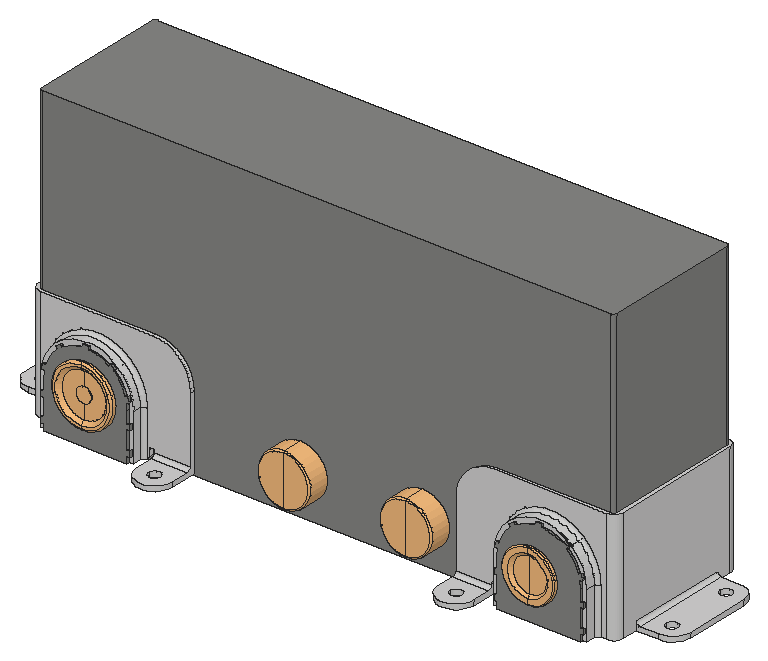
Revit family "Valve-Three_Outlet_Thermostatic-KOHLER-K-26341IN_1", category Plumbing Fixtures, host Face, Revit 2017
Family settings
  Host = Face
  Round Connector Dimension = Use Diameter
  Part Type = Normal
  OmniClass Number = 23.27.31.00
  OmniClass Title = Valves
  Cut with Voids When Loaded = No
  Shared = No
  Room Calculation Point = No
Parameters (values of type "NA-Not Applicable")
  Width = 13 245/256"  # constant formula
  WaterSense Certified = 1 = 0  # no
  Waste Connection = 1 = 0  # no
  Vent Connection = 1 = 0  # no
  Tempered Water Outlet Connector Up 3 [instance] = yes
  Tempered Water Outlet Connector Up 2 [instance] = yes
  Tempered Water Outlet Connector Up1 [instance] = yes
  Tempered Water Outlet 3 = "Tempered Water Outlet 3"  # constant formula
  Tempered Water Outlet 2 = "Tempered Water Outlet 2"  # constant formula
  Tempered Water Outlet 1 = "Tempered Water Outlet 1"  # constant formula
  URL = "https://www.kohler.co.in/"
  Type = 1
  Product Page URL = ""
  Product Name = ""
  Product Documentation Link = ""
  Pressure = 0.00 psi
  Model = "K-26341IN-NA"  # constant formula
  Material = "Plastic"  # constant formula
  Master Format 2014 Name = "Control Valves"  # constant formula
  Master Format 2014 = "23 09 13.33"  # constant formula
  Manufacturer Address = "Ambience Office Tower NH-8 Gurgaon / Gurugram Haryana , 122001\r\n"  # constant formula
  Manufacturer = "KOHLER Co."  # constant formula
  Length = 6 13/128"  # constant formula
  Hot Water Inlet = "Hot Water Inlet"  # constant formula
  Height = 4 113/128"  # constant formula
  HW Connection = 1 = 1  # yes
  Flow Rate = 1.75 GPM  # constant formula
  Finish = Kohler-Plastic-58-Thunder_Grey
  Environmental Product Declaration = ""
  Description = "Recessed thermostatic valve-3-outlet"  # constant formula
  Default Elevation = 42"
  Declare Label = ""
  Date Modified = "02/10/2021"  # constant formula
  Date Created = "02/10/2021"  # constant formula
  Copyright = "Copyright KOHLER Co."  # constant formula
  Contact Us = "https://www.kohler.co.in/contact-us"
  Cold Water Inlet = "Cold Water Inlet"  # constant formula
  CW Connection = 1 = 1  # yes
  Tempered Water Outlet Connector Down 3 [instance] = not(Tempered Water Outlet Connector Up 3)  # no
  Tempered Water Outlet Connector Down 2 [instance] = not(Tempered Water Outlet Connector Up 2)  # no
  Tempered Water Outlet Connector Down 1 [instance] = not(Tempered Water Outlet Connector Up1)  # no
  Assembly Code = "D2020"
  ADA Compliant = 1 = 0  # no
Reference planes (in)
  plane 1 "Center (Front/Back)": y = 0
  plane 2: z = 0
  plane 3 "Center (Left/Right)": x = 0
  plane 4: y = 2.44094
  plane 5: y = -2.44188
  plane 6: y = 1.98819
  plane 7: y = -1.98819
  plane 8: z = 0
  plane 9: z = -5.21654
  plane 10: z = -5.11811
  plane 11: x = -6.97835
  plane 12: x = 6.97868
  plane 13: x = 4.57677
  plane 14: x = 2.01772
  plane 15: x = -4.76867
  plane 16: y = -1.51575
  plane 17: y = 1.51575
  plane 18: x = -0.54134
  plane 19: z = -6.10156
  plane 20: x = -3.15945
  plane 21: x = 3.15944
  plane 22: y = 0.70866
  plane 23: y = -0.70866
  plane 24: x = -6.60433
  plane 25: x = 6.60433
  plane 26: x = -6.13189
  plane 27: x = 6.13189
  plane 28: y = 1.59449
  plane 29: y = -1.59449
Forms (in)
  Extrusion 1, void
    sketch origin (0, 0, 0) x (1, 0, 0) y (0, 1, 0)
      loop
        line (-6.13189, 1.59449) -> (-6.13189, -1.59449) -> (6.13189, -1.59449) -> (6.13189, 1.59449) -> (-6.13189, 1.59449)
    from -6.10236 to 3.05757
  Extrusion 2, void
    sketch origin (0, 0, 0) x (1, 0, 0) y (0, 0, 1)
      loop
        line (-6.97835, -6.25784) -> (6.97835, -6.25784) -> (6.97835, -3.72047) -> (-6.97835, -3.72047) -> (-6.97835, -6.25784)
    from -2.44094 to 2.44094
Dimensions and locks (in)
  locked: plane 17 to plane 16 at 3.0315
  locked: plane 6 to plane 7 at 3.97638
  "Length": level to plane 19
  locked: plane 10 to plane 19 at 0.98345
  locked: plane 9 to plane 19 at 0.88503
  "Width": plane 11 to plane 12
  locked: plane 20 to plane 21 at 6.31889
  locked: plane 22 to plane 23 at 1.41732
  "Height": plane 4 to plane 5
  plane 20 to plane 21 = 6.31889"
  plane 22 to plane 23 = 1.41732"
  aligned and locked: plane 2 to host face
  aligned and locked: level to host face
  aligned and locked: plane 1 "Center (Front/Back)" to nested 1
  aligned and locked: plane 3 "Center (Left/Right)" to nested 1
  aligned and locked: plane 8 to nested 1
  aligned and locked: plane 19 to nested 1
Automatic sketch dimensions
  host sketch curve to host sketch curve = 96"  (x2)
  plane 16 to Extrusion 1 sketch curve = 0.07874"
  Extrusion 1 sketch curve to plane 11 = 0.84646"
  Extrusion 1 sketch curve to plane 12 = 0.8468"
  plane 17 to Extrusion 1 sketch curve = 0.07874"
  plane 11 to Extrusion 2 sketch curve = 0"
  Extrusion 2 sketch curve to plane 12 = 0.00034"
  Extrusion 2 sketch curve to plane 19 = 0.15628"
  plane 19 to Extrusion 2 sketch curve = 2.38109"
Nested families (in)
  nested 1: "K-26341IN" at (0, 0, -6.10236), type "K-26341IN"
Connectors (in)
  piping at (-4.76867, -1.90938, -5.11811), diameter 0.75, driven by "Flow Rate", driven by "HW Connection", driven by "Hot Water Inlet"
    settings: on nested 1, index 1, connector inside diameter 24", connector length 0", flow factor 0, pipe flow 1.75 GPM, pressure drop 0.00 psi, fitting loss kfactor 0, connector angle 0.00°, fixture units 0, engagement length 0", angle of deflection 0.00°, flow configuration 1, flow direction 1, fitting loss method 0, system type 19, joint type 0, gender type 0, connector reference index -1, connector utility 1, adjustable connector no, is connector primary yes, connector description "Hot Water Inlet"
  piping at (-4.76867, 1.90938, -5.11811), diameter 0.75, driven by "Flow Rate", driven by "CW Connection", driven by "Cold Water Inlet"
    settings: on nested 1, index 2, connector inside diameter 24", connector length 0", flow factor 0, pipe flow 1.75 GPM, pressure drop 0.00 psi, fitting loss kfactor 0, connector angle 0.00°, fixture units 0, engagement length 0", angle of deflection 0.00°, flow configuration 1, flow direction 1, fitting loss method 0, system type 20, joint type 0, gender type 0, connector reference index -1, connector utility 1, adjustable connector no, is connector primary no, connector description "Cold Water Inlet"
  piping at (-0.54134, 1.9685, -5.21654), diameter 0.5, driven by "Flow Rate", driven by "HW Connection", driven by "Tempered Water Outlet 1"
    settings: on nested 1, index 3, connector inside diameter 24", connector length 0", flow factor 0, pipe flow 1.75 GPM, pressure drop 0.00 psi, fitting loss kfactor 0, connector angle 0.00°, fixture units 0, engagement length 0", angle of deflection 0.00°, flow configuration 1, flow direction 2, fitting loss method 0, system type 19, joint type 0, gender type 0, connector reference index -1, connector utility 1, adjustable connector no, is connector primary no, connector description "Tempered Water Outlet 1"
  piping at (2.01772, 1.9685, -5.21654), diameter 0.5, driven by "Flow Rate", driven by "HW Connection", driven by "Tempered Water Outlet 2"
    settings: on nested 1, index 4, connector inside diameter 24", connector length 0", flow factor 0, pipe flow 1.75 GPM, pressure drop 0.00 psi, fitting loss kfactor 0, connector angle 0.00°, fixture units 0, engagement length 0", angle of deflection 0.00°, flow configuration 1, flow direction 2, fitting loss method 0, system type 19, joint type 0, gender type 0, connector reference index -1, connector utility 1, adjustable connector no, is connector primary no, connector description "Tempered Water Outlet 2"
  piping at (4.57677, 1.90938, -5.21654), diameter 0.5, driven by "Flow Rate", driven by "HW Connection", driven by "Tempered Water Outlet 3"
    settings: on nested 1, index 5, connector inside diameter 24", connector length 0", flow factor 0, pipe flow 1.75 GPM, pressure drop 0.00 psi, fitting loss kfactor 0, connector angle 0.00°, fixture units 0, engagement length 0", angle of deflection 0.00°, flow configuration 1, flow direction 2, fitting loss method 0, system type 19, joint type 0, gender type 0, connector reference index -1, connector utility 1, adjustable connector no, is connector primary no, connector description "Tempered Water Outlet 3"
Definition of nested family "K-26341IN"
  Parameters (values of type "K-26341")
    Top Connector 3 = no
    Top Connector 2 = no
    Top Connector 1 = no
    Material = none
    Connector1 Angel = if(Top Connector 1, 0.00°, 180.00°)  # 180.00°
    Connector 3 Dist. = if(Top Connector 3, 0", 3.0315")  # 3.0315"
    Connector 3 Angle = if(Top Connector 3, 0.00°, 180.00°)  # 180.00°
    Connector 2 Dist. = if(Top Connector 2, 3.0315", 0")  # 0"
    Connector 2 Angel = if(Top Connector 2, 0.00°, 180.00°)  # 180.00°
    Connector 1 Dist. = if(Top Connector 1, 0", 3.0315")  # 3.0315"
    Bottom Connetor 3 = not(Top Connector 3)  # yes
    Bottom Connector 2 = not(Top Connector 2)  # yes
    Bottom Connector 1 = not(Top Connector 1)  # yes
  Reference planes (in)
    plane 1 "Center (Front/Back)": y = 0
    plane 2: z = 0
    plane 3 "Center (Left/Right)": x = 0
    plane 4: x = -6.97835
    plane 5: y = 2.44094
    plane 6: y = -2.44094
    plane 7: z = 6.10236
    plane 8 "2": x = 4.57677
    plane 9 "1": x = -4.76867
    plane 10: z = 0.98425
    plane 11 "A": z = 0.88583
    plane 12: y = 1.98819
    plane 13: y = -1.98819
    plane 14: x = -3.15945
    plane 15: y = 1.51575
    plane 16: y = -1.51575
    plane 17: x = 3.15944
    plane 18 "3": x = 2.01772
    plane 19: x = 6.97835
    plane 20: x = -0.54134
    plane 21 "c1": y = -1.51575
    plane 22 "C2": y = -1.51575
    plane 23 "c3": y = -1.51575
    plane 24: z = 0
    plane 25: y = 0.70866
    plane 26: y = -0.70866
    plane 27: x = -6.60433
    plane 28: x = 6.60433
    plane 29: y = 1.59449
    plane 30: y = -1.59449
    plane 31: x = -6.13189
    plane 32: x = 6.13189
  Forms (in)
    Extrusion 1, solid, material <- "Material", detail levels medium+fine
      sketch origin (0, 0, 0) x (1, 0, 0) y (0, 1, 0)
        loop
          line (5.95472, 1.51575) -> (-5.95472, 1.51575)
          arc (-5.95472, 1.51575) -> (-6.0104, 1.49269) -> (-6.03346, 1.43701) r 0.07874
          line (-6.03346, 1.43701) -> (-6.03346, -1.43701)
          arc (-6.03346, -1.43701) -> (-6.0104, -1.49269) -> (-5.95472, -1.51575) r 0.07874
          line (-5.95472, -1.51575) -> (5.95472, -1.51575)
          arc (5.95472, -1.51575) -> (6.0104, -1.49269) -> (6.03346, -1.43701) r 0.07874
          line (6.03346, -1.43701) -> (6.03346, 1.43701)
          arc (6.03346, 1.43701) -> (6.0104, 1.49269) -> (5.95472, 1.51575) r 0.07874
      from 0 to 6.10236
    Extrusion 2, solid, detail levels medium+fine
      sketch origin (0, 0, 0) x (1, 0, 0) y (0, 0, 1)
        loop
          line (-3.57283, 2.38189) -> (-6.13189, 2.38189) -> (-6.13189, 0.01969) -> (-3.70276, 0.01969)
          arc (-3.70276, 0.01969) -> (-3.66657, 0.03468) -> (-3.65157, 0.07087) r 0.05118
          line (-3.65157, 0.07087) -> (-3.65157, 0.2165)
          arc (-3.65157, 0.2165) -> (-3.59252, 0.27556) -> (-3.53346, 0.2165) r 0.05906
          line (-3.53346, 0.2165) -> (-3.53346, 0.01969) -> (-2.78543, 0.01969) -> (-2.78543, 1.59449)
          arc (-2.78543, 1.59449) -> (-3.01606, 2.15127) -> (-3.57283, 2.38189) r 0.7874
        loop
          arc (3.57283, 2.38189) -> (3.01606, 2.15127) -> (2.78543, 1.59449) r 0.7874
          line (2.78543, 1.59449) -> (2.78543, 0.01969) -> (3.53346, 0.01969) -> (3.53346, 0.2165)
          arc (3.53346, 0.2165) -> (3.59252, 0.27556) -> (3.65157, 0.2165) r 0.05906
          line (3.65157, 0.2165) -> (3.65157, 0.07087)
          arc (3.65157, 0.07087) -> (3.66657, 0.03468) -> (3.70276, 0.01969) r 0.05118
          line (3.70276, 0.01969) -> (6.13189, 0.01969) -> (6.13189, 2.38189) -> (3.57283, 2.38189)
      from -1.59449 to 1.59449
    Sweep 3, void
      path in 3D
        loop
          line (-6.13189, -1.59449, 2.38189) -> (-6.13189, -1.59449, 0.01969)
      profile origin (-6.13189, -1.59449, 1.20079) x (-1, 0, 0) y (0, -1, 0)
        loop
          line (0, -0.19685) -> (0, 0) -> (-0.19685, 0)
          arc (-0.19685, 0) -> (-0.05766, -0.05766) -> (0, -0.19685) r 0.19685
    Sweep 4, void
      path in 3D
        loop
          line (-6.13189, 1.59449, 2.38189) -> (-6.13189, 1.59449, 0.01969)
      profile origin (-6.13189, 1.59449, 1.20079) x (-1, 0, 0) y (0, -1, 0)
        loop
          arc (0, 0.19685) -> (-0.05766, 0.05766) -> (-0.19685, 0) r 0.19685
          line (-0.19685, 0) -> (0, 0) -> (0, 0.19685)
    Sweep 5, void
      path in 3D
        loop
          line (6.13189, -1.59449, 2.38189) -> (6.13189, -1.59449, 0.01969)
      profile origin (6.13189, -1.59449, 1.20079) x (1, 0, 0) y (0, 1, 0)
        loop
          arc (0, 0.19685) -> (-0.05766, 0.05766) -> (-0.19685, 0) r 0.19685
          line (-0.19685, 0) -> (0, 0) -> (0, 0.19685)
    Sweep 6, void
      path in 3D
        loop
          line (6.13189, 1.59449, 2.38189) -> (6.13189, 1.59449, 0.01969)
      profile origin (6.13189, 1.59449, 1.20079) x (1, 0, 0) y (0, 1, 0)
        loop
          line (0, -0.19685) -> (0, 0) -> (-0.19685, 0)
          arc (-0.19685, 0) -> (-0.05766, -0.05766) -> (0, -0.19685) r 0.19685
    Extrusion 7, solid, detail levels medium+fine
      sketch origin (0, 0, 0) x (1, 0, 0) y (0, 1, 0)
        loop
          line (-6.13189, 1.06299) -> (-6.60433, 1.06299)
          arc (-6.60433, 1.06299) -> (-6.8688, 0.95345) -> (-6.97835, 0.68898) r 0.37402
          line (-6.97835, 0.68898) -> (-6.97835, -0.68898)
          arc (-6.97835, -0.68898) -> (-6.8688, -0.95345) -> (-6.60433, -1.06299) r 0.37402
          line (-6.60433, -1.06299) -> (-6.13189, -1.06299) -> (-6.13189, 1.06299)
        loop
          line (6.13189, 1.06299) -> (6.13189, -1.06299) -> (6.60433, -1.06299)
          arc (6.60433, -1.06299) -> (6.8688, -0.95345) -> (6.97835, -0.68898) r 0.37402
          line (6.97835, -0.68898) -> (6.97835, 0.68898)
          arc (6.97835, 0.68898) -> (6.8688, 0.95345) -> (6.60433, 1.06299) r 0.37402
          line (6.60433, 1.06299) -> (6.13189, 1.06299)
        loop
          circle (-6.60433, 0.70866) r 0.12598
        loop
          circle (-6.60433, -0.70866) r 0.12598
        loop
          circle (6.60433, 0.70866) r 0.12598
        loop
          circle (6.60433, -0.70866) r 0.12598
        loop
          arc (-3.53346, -2.06693) -> (-3.15945, -2.44094) -> (-2.78544, -2.06693) r 0.37401
          line (-2.78544, -2.06693) -> (-2.78544, -1.59449) -> (-3.53346, -1.59449) -> (-3.53346, -2.06693)
        loop
          line (3.53346, -2.06693) -> (3.53346, -1.59449) -> (2.78544, -1.59449) -> (2.78544, -2.06693)
          arc (2.78544, -2.06693) -> (3.15945, -2.44094) -> (3.53346, -2.06693) r 0.37401
        loop
          line (-3.53346, 2.06693) -> (-3.53346, 1.59449) -> (-2.78544, 1.59449) -> (-2.78544, 2.06693)
          arc (-2.78544, 2.06693) -> (-3.15945, 2.44094) -> (-3.53346, 2.06693) r 0.37401
        loop
          arc (3.53346, 2.06693) -> (3.15945, 2.44094) -> (2.78544, 2.06693) r 0.37401
          line (2.78544, 2.06693) -> (2.78544, 1.59449) -> (3.53346, 1.59449) -> (3.53346, 2.06693)
        loop
          circle (-3.15945, -2.06693) r 0.12598
        loop
          circle (3.15945, -2.06693) r 0.12598
        loop
          circle (-3.15945, 2.06693) r 0.12598
        loop
          circle (3.15945, 2.06693) r 0.12598
      from 0.01969 to 0.11811
    Extrusion 8, solid, detail levels medium+fine
      sketch origin (1.27953, 0, 0) x (1, 0, 0) y (0, 0, 1)
        loop
          line (-5.05906, 0.01969) -> (-5.05906, 0.98689)
          arc (-5.05906, 0.98689) -> (-6.03346, 1.9613) -> (-7.00787, 0.98689) r 0.97441
          line (-7.00787, 0.98689) -> (-7.00787, 0.01969) -> (-5.05906, 0.01969)
        loop
          line (2.5, 0.99085) -> (2.5, 0.01969) -> (4.44882, 0.01969) -> (4.44882, 0.99085)
          arc (4.44882, 0.99085) -> (3.47441, 1.96526) -> (2.5, 0.99085) r 0.97441
      from -1.85039 to 1.85039
    Extrusion 9, solid, material <- "Material", detail levels medium+fine
      sketch origin (-1.27953, 0, 0) x (1, 0, 0) y (0, 0, 1)
        loop
          line (-4.35039, 0.62992) -> (-4.35039, 0.25591) -> (-4.40945, 0.25591) -> (-4.40945, 0.1378) -> (-4.35039, 0.1378) -> (-4.35039, 0) -> (-2.59843, 0) -> (-2.59843, 0.1378) -> (-2.53937, 0.1378) -> (-2.53937, 0.25591) -> (-2.59843, 0.25591) -> (-2.59843, 0.62992) -> (-2.53937, 0.62992) -> (-2.53937, 0.74803) -> (-2.59843, 0.74803) -> (-2.59843, 0.98425)
          arc (-2.59843, 0.98425) -> (-2.60185, 1.06162) -> (-2.61209, 1.13839) r 0.87598
          line (-2.61209, 1.13839) -> (-2.55467, 1.15271) -> (-2.58324, 1.26731) -> (-2.64067, 1.25299)
          arc (-2.64067, 1.25299) -> (-2.73975, 1.46135) -> (-2.88979, 1.63661) r 0.87598
          line (-2.88979, 1.63661) -> (-2.85335, 1.68324) -> (-2.94643, 1.75596) -> (-2.98286, 1.70932)
          arc (-2.98286, 1.70932) -> (-3.18922, 1.81251) -> (-3.41535, 1.85824) r 0.87598
          line (-3.41535, 1.85824) -> (-3.41535, 1.91742) -> (-3.53346, 1.91742) -> (-3.53346, 1.85824)
          arc (-3.53346, 1.85824) -> (-3.7596, 1.81251) -> (-3.96596, 1.70932) r 0.87598
          line (-3.96596, 1.70932) -> (-4.00239, 1.75596) -> (-4.09546, 1.68324) -> (-4.05903, 1.63661)
          arc (-4.05903, 1.63661) -> (-4.20907, 1.46135) -> (-4.30815, 1.25299) r 0.87598
          line (-4.30815, 1.25299) -> (-4.36558, 1.26731) -> (-4.39415, 1.15271) -> (-4.33673, 1.13839)
          arc (-4.33673, 1.13839) -> (-4.34697, 1.06162) -> (-4.35039, 0.98425) r 0.87598
          line (-4.35039, 0.98425) -> (-4.35039, 0.74803) -> (-4.40945, 0.74803) -> (-4.40945, 0.62992) -> (-4.35039, 0.62992)
        loop
          line (5.15748, 0.62992) -> (5.15748, 0.25591) -> (5.09843, 0.25591) -> (5.09843, 0.1378) -> (5.15748, 0.1378) -> (5.15748, 0) -> (6.90945, 0) -> (6.90945, 0.1378) -> (6.9685, 0.1378) -> (6.9685, 0.25591) -> (6.90945, 0.25591) -> (6.90945, 0.62992) -> (6.9685, 0.62992) -> (6.9685, 0.74803) -> (6.90945, 0.74803) -> (6.90945, 0.98425)
          arc (6.90945, 0.98425) -> (6.90603, 1.06162) -> (6.89578, 1.13839) r 0.87598
          line (6.89578, 1.13839) -> (6.9532, 1.15271) -> (6.92463, 1.26731) -> (6.86721, 1.25299)
          arc (6.86721, 1.25299) -> (6.76813, 1.46135) -> (6.61808, 1.63661) r 0.87598
          line (6.61808, 1.63661) -> (6.65452, 1.68324) -> (6.56145, 1.75596) -> (6.52501, 1.70932)
          arc (6.52501, 1.70932) -> (6.31866, 1.81251) -> (6.09252, 1.85824) r 0.87598
          line (6.09252, 1.85824) -> (6.09252, 1.91742) -> (5.97441, 1.91742) -> (5.97441, 1.85824)
          arc (5.97441, 1.85824) -> (5.74827, 1.81251) -> (5.54192, 1.70932) r 0.87598
          line (5.54192, 1.70932) -> (5.50548, 1.75596) -> (5.41241, 1.68324) -> (5.44885, 1.63661)
          arc (5.44885, 1.63661) -> (5.2988, 1.46135) -> (5.19972, 1.25299) r 0.87598
          line (5.19972, 1.25299) -> (5.1423, 1.26731) -> (5.11372, 1.15271) -> (5.17115, 1.13839)
          arc (5.17115, 1.13839) -> (5.1609, 1.06162) -> (5.15748, 0.98425) r 0.87598
          line (5.15748, 0.98425) -> (5.15748, 0.74803) -> (5.09843, 0.74803) -> (5.09843, 0.62992) -> (5.15748, 0.62992)
        loop
          circle (-3.48914, 0.98425) r 0.54335
        loop
          circle (5.8563, 0.88583) r 0.41841
      from -1.92913 to 1.88976
    Revolve 10, solid, detail levels medium+fine
      sketch origin (-4.76867, 0, 0) x (0, 0, 1) y (0, -1, 0)
        loop
          line (1.5276, -1.98819) -> (1.58464, -1.98819) -> (1.62406, -1.94877) -> (1.62406, -1.51575) -> (0.98425, -1.51575) -> (0.98425, -1.90938) -> (1.44879, -1.90938) -> (1.5276, -1.98819)
        loop
          line (1.5276, 1.98819) -> (1.44879, 1.90938) -> (0.98425, 1.90938) -> (0.98425, 1.51575) -> (1.62406, 1.51575) -> (1.62406, 1.94877) -> (1.58464, 1.98819) -> (1.5276, 1.98819)
        axis (0.98425, -1.98819) -> (0.98425, 1.98819)
      angle from 0 to 360
    Revolve 11, solid, detail levels medium+fine
      sketch origin (4.57677, 0, 0) x (0, 0, -1) y (0, -1, 0)
        loop
          line (-1.43701, 1.94331) -> (-1.43701, 1.61417) -> (-0.88583, 1.61417) -> (-0.88583, 1.90938) -> (-1.24512, 1.90938) -> (-1.30424, 1.9685) -> (-1.41732, 1.9685) -> (-1.43701, 1.94331)
        loop
          line (-1.43701, -1.94331) -> (-1.41732, -1.9685) -> (-1.30424, -1.9685) -> (-1.24512, -1.90938) -> (-0.88583, -1.90938) -> (-0.88583, -1.61417) -> (-1.43701, -1.61417) -> (-1.43701, -1.94331)
        axis (-0.88583, 1.9685) -> (-0.88583, -1.9685)
      angle from 0 to 360
    Sweep 12, solid, detail levels medium+fine
      path in 3D
        loop
          line (3.77953, 1.59449, 0.01969) -> (3.77953, 1.59449, 0.99085)
          arc (3.77953, 1.59449, 0.99085) -> (4.75394, 1.59449, 1.96526) -> (5.72835, 1.59449, 0.99085) r 0.97441
          line (5.72835, 1.59449, 0.99085) -> (5.72835, 1.59449, 0.01969)
      profile origin (3.77953, 1.59449, 0.50527) x (0, 1, 0) y (-1, 0, 0)
        loop
          arc (0.07874, 0) -> (0.02306, 0.02306) -> (0, 0.07874) r 0.07874
          line (0, 0.07874) -> (0, 0) -> (0.07874, 0)
    Sweep 13, solid, detail levels medium+fine
      path in 3D
        loop
          line (-5.72835, -1.59449, 0.01969) -> (-5.72835, -1.59449, 0.99085)
          arc (-5.72835, -1.59449, 0.99085) -> (-4.75394, -1.59449, 1.96526) -> (-3.77953, -1.59449, 0.99085) r 0.97441
          line (-3.77953, -1.59449, 0.99085) -> (-3.77953, -1.59449, 0.01969)
      profile origin (-5.72835, -1.59449, 0.50527) x (0, 1, 0) y (-1, 0, 0)
        loop
          line (-0.07874, 0) -> (0, 0) -> (0, 0.07874)
          arc (0, 0.07874) -> (-0.02306, 0.02306) -> (-0.07874, 0) r 0.07874
    Sweep 14, solid, detail levels medium+fine
      path in 3D
        loop
          line (-5.72835, 1.59449, 0.01969) -> (-5.72835, 1.59449, 0.99085)
          arc (-5.72835, 1.59449, 0.99085) -> (-4.75394, 1.59449, 1.96526) -> (-3.77953, 1.59449, 0.99085) r 0.97441
          line (-3.77953, 1.59449, 0.99085) -> (-3.77953, 1.59449, 0.01969)
      profile origin (-5.72835, 1.59449, 0.50527) x (0, 1, 0) y (-1, 0, 0)
        loop
          arc (0.07874, 0) -> (0.02306, 0.02306) -> (0, 0.07874) r 0.07874
          line (0, 0.07874) -> (0, 0) -> (0.07874, 0)
    Extrusion 15, solid, detail levels medium+fine
      sketch origin (0, 0, 0) x (0, 1, 0) y (0, 0, 1)
        loop
          line (-1.67323, 0.11811) -> (-1.59449, 0.11811) -> (-1.59449, 0.19685)
          arc (-1.59449, 0.19685) -> (-1.61755, 0.14117) -> (-1.67323, 0.11811) r 0.07874
        loop
          arc (1.67323, 0.11811) -> (1.61755, 0.14117) -> (1.59449, 0.19685) r 0.07874
          line (1.59449, 0.19685) -> (1.59449, 0.11811) -> (1.67323, 0.11811)
      from 2.78543 to 3.53346
    Extrusion 16, solid, detail levels medium+fine
      sketch origin (0, 0, 0) x (0, 1, 0) y (0, 0, 1)
        loop
          line (-1.67323, 0.11811) -> (-1.59449, 0.11811) -> (-1.59449, 0.19685)
          arc (-1.59449, 0.19685) -> (-1.61755, 0.14117) -> (-1.67323, 0.11811) r 0.07874
        loop
          arc (1.67323, 0.11811) -> (1.61755, 0.14117) -> (1.59449, 0.19685) r 0.07874
          line (1.59449, 0.19685) -> (1.59449, 0.11811) -> (1.67323, 0.11811)
      from -3.53346 to -2.78543
    Extrusion 17, solid, material <- "Material", detail levels coarse
      sketch origin (0, 0, 0) x (1, 0, 0) y (0, 1, 0)
        loop
          line (6.03346, 1.51575) -> (-6.03346, 1.51575) -> (-6.03346, -1.51575) -> (6.03346, -1.51575) -> (6.03346, 1.51575)
      from 0 to 6.10236
    Extrusion 18, solid, material <- "Material", detail levels coarse
      sketch origin (-1.27953, 0, 0) x (1, 0, 0) y (0, 0, 1)
        loop
          line (-2.59843, 0) -> (-2.59843, 0.9897)
          arc (-2.59843, 0.9897) -> (-3.47441, 1.86569) -> (-4.35039, 0.9897) r 0.87598
          line (-4.35039, 0.9897) -> (-4.35039, 0) -> (-2.59843, 0)
        loop
          line (6.90945, 0) -> (6.90945, 0.9897)
          arc (6.90945, 0.9897) -> (6.03346, 1.86569) -> (5.15748, 0.9897) r 0.87598
          line (5.15748, 0.9897) -> (5.15748, 0) -> (6.90945, 0)
      from -1.92913 to 1.88976
    Extrusion 19, solid, detail levels coarse
      sketch origin (0, 0, 0) x (1, 0, 0) y (0, 1, 0)
        loop
          line (6.13189, 1.59449) -> (2.78543, 1.59449) -> (2.78543, 1.51575) -> (6.03346, 1.51575) -> (6.03346, -1.51575) -> (2.78543, -1.51575) -> (2.78543, -1.59449) -> (6.13189, -1.59449) -> (6.13189, 1.59449)
        loop
          line (-6.13189, 1.59449) -> (-6.13189, -1.59449) -> (-2.78543, -1.59449) -> (-2.78543, -1.51575) -> (-6.03346, -1.51575) -> (-6.03346, 1.51575) -> (-2.78543, 1.51575) -> (-2.78543, 1.59449) -> (-6.13189, 1.59449)
      from 0 to 2.38189
    Extrusion 20, solid, detail levels coarse
      sketch origin (0, 0, 0) x (1, 0, 0) y (0, 1, 0)
        loop
          line (-6.97835, -1.06299) -> (-6.13189, -1.06299) -> (-6.13189, 1.06299) -> (-6.97835, 1.06299) -> (-6.97835, -1.06299)
        loop
          line (-3.53346, 1.59449) -> (-2.78542, 1.59449) -> (-2.78542, 2.44094) -> (-3.53346, 2.44094) -> (-3.53346, 1.59449)
        loop
          line (2.78544, 1.59449) -> (3.53346, 1.59449) -> (3.53346, 2.44094) -> (2.78544, 2.44094) -> (2.78544, 1.59449)
        loop
          line (-3.53346, -1.59449) -> (-3.53346, -2.44094) -> (-2.78542, -2.44094) -> (-2.78542, -1.59449) -> (-3.53346, -1.59449)
        loop
          line (2.78544, -1.59449) -> (2.78544, -2.44094) -> (3.53346, -2.44094) -> (3.53346, -1.59449) -> (2.78544, -1.59449)
        loop
          line (6.97835, -1.06299) -> (6.97835, 1.06299) -> (6.13189, 1.06299) -> (6.13189, -1.06299) -> (6.97835, -1.06299)
        loop
          circle (-6.60433, 0.70866) r 0.12598
        loop
          circle (-6.60433, -0.70866) r 0.12598
        loop
          circle (-3.15944, 2.06693) r 0.12598
        loop
          circle (3.15946, 2.06693) r 0.12598
        loop
          circle (6.60433, 0.70866) r 0.12598
        loop
          circle (6.60433, -0.70866) r 0.12598
        loop
          circle (-3.15944, -2.06693) r 0.12598
        loop
          circle (3.15946, -2.06693) r 0.12598
      from 0.01969 to 0.11811
    Extrusion 21, solid, detail levels medium+fine
      sketch origin (-1.27953, 0, 0) x (1, 0, 0) y (0, 0, 1)
        loop
          circle (-3.48914, 0.98425) r 0.15748
      from -1.90938 to 1.90938
    Extrusion 22, solid, detail levels coarse
      sketch origin (1.27953, 0, 0) x (1, 0, 0) y (0, 0, 1)
        loop
          circle (-6.0482, 0.98425) r 0.63981
        loop
          circle (3.29724, 0.88583) r 0.55118
      from -1.98819 to 1.98819
    Extrusion 23, solid, detail levels medium+fine
      sketch origin (0, 0, 0) x (1, 0, 0) y (0, 0, 1)
        loop
          line (-6.13189, 0.11811) -> (-6.13189, 0.19685)
          arc (-6.13189, 0.19685) -> (-6.15495, 0.14117) -> (-6.21063, 0.11811) r 0.07874
          line (-6.21063, 0.11811) -> (-6.13189, 0.11811)
        loop
          line (6.13189, 0.11811) -> (6.21063, 0.11811)
          arc (6.21063, 0.11811) -> (6.15495, 0.14117) -> (6.13189, 0.19685) r 0.07874
          line (6.13189, 0.19685) -> (6.13189, 0.11811)
      from -1.06299 to 1.06299
    Revolve 24, solid, detail levels medium+fine
      sketch origin (2.01772, 0, 0) x (0, 0, -1) y (0, -1, 0)
        loop
          line (-0.88583, 1.9685) -> (-1.40868, 1.9685) -> (-1.43701, 1.94018) -> (-1.43701, 1.51575) -> (-0.88583, 1.51575) -> (-0.88583, 1.9685)
        loop
          line (-0.88583, -1.9685) -> (-0.88583, -1.51575) -> (-1.43701, -1.51575) -> (-1.43701, -1.94018) -> (-1.40868, -1.9685) -> (-0.88583, -1.9685)
        axis (-0.88583, 1.9685) -> (-0.88583, -1.9685)
      angle from 0 to 360
    Sweep 25, solid, detail levels medium+fine
      path in 3D
        loop
          line (3.77953, -1.59449, 0.01969) -> (3.77953, -1.59449, 0.99085)
          arc (3.77953, -1.59449, 0.99085) -> (4.75394, -1.59449, 1.96526) -> (5.72835, -1.59449, 0.99085) r 0.97441
          line (5.72835, -1.59449, 0.99085) -> (5.72835, -1.59449, 0.01969)
      profile origin (3.77953, -1.59449, 0.50527) x (0, 1, 0) y (-1, 0, 0)
        loop
          line (-0.07874, 0) -> (0, 0) -> (0, 0.07874)
          arc (0, 0.07874) -> (-0.02306, 0.02306) -> (-0.07874, 0) r 0.07874
    Extrusion 26, solid, detail levels coarse
      sketch origin (0, 0, 0) x (1, 0, 0) y (0, 0, 1)
        loop
          circle (2.01772, 0.88583) r 0.55118
        loop
          circle (-0.54134, 0.88583) r 0.55118
      from -1.9685 to 1.9685
    Revolve 27, solid, detail levels medium+fine
      sketch origin (-0.54134, 0, 0) x (0, 0, -1) y (0, -1, 0)
        loop
          line (-0.88583, 1.9685) -> (-1.40868, 1.9685) -> (-1.43701, 1.94018) -> (-1.43701, 1.51575) -> (-0.88583, 1.51575) -> (-0.88583, 1.9685)
        loop
          line (-0.88583, -1.9685) -> (-0.88583, -1.51575) -> (-1.43701, -1.51575) -> (-1.43701, -1.94018) -> (-1.40868, -1.9685) -> (-0.88583, -1.9685)
        axis (-0.88583, 1.9685) -> (-0.88583, -1.9685)
      angle from 0 to 360
    Revolve 28, solid, detail levels medium+fine
      sketch origin (-0.54134, -2.69685, 0.88583) x (0, 1, 0) y (-1, 0, 0)
        loop
          line (0.72835, 0) -> (0.72835, -0.15748) -> (0.98013, -0.15748) -> (0.98013, 0) -> (0.72835, 0)
        axis (0.72835, 0) -> (0.98013, 0)
      angle from 0 to 360
    Revolve 29, solid, detail levels medium+fine
      sketch origin (2.01772, -2.8937, 0.88583) x (0, 1, 0) y (-1, 0, 0)
        loop
          line (0.9252, 0) -> (1.29589, 0) -> (1.29589, 0.15748) -> (0.9252, 0.15748) -> (0.9252, 0)
        axis (0.9252, 0) -> (1.29589, 0)
      angle from 0 to 360
    Revolve 30, solid, detail levels medium+fine
      sketch origin (4.57677, -2.15014, 0.88583) x (0, 1, 0) y (-1, 0, 0)
        loop
          line (0.24076, 0) -> (0.63446, 0) -> (0.63446, 0.15748) -> (0.24076, 0.15748) -> (0.24076, 0)
        axis (0.24076, 0) -> (0.63446, 0)
      angle from 0 to 360
  Cuts and joins
    joined: Extrusion 1, Extrusion 9
    joined: Revolve 10, Revolve 11, Revolve 24
    joined: Sweep 12, Sweep 13, Sweep 14
    Sweep 3, Sweep 4, Sweep 5, Sweep 6 cuts Extrusion 2
    joined: Extrusion 2, Extrusion 7, Extrusion 8, Extrusion 15, Extrusion 16, Extrusion 23
    joined: Extrusion 17, Extrusion 18
    joined: Extrusion 19, Extrusion 20
    joined: Extrusion 22, Extrusion 26
  Lines and regions (in)
    Masking region 1
      outline origin (0, 0, 0) x (1, 0, 0) y (0, 1, 0)
        loop
          line (-6.13189, 1.39764) -> (-6.13189, 0.16732) -> (-6.13189, -1.39764)
          arc (-6.13189, -1.39764) -> (-6.07423, -1.53683) -> (-5.93504, -1.59449) r 0.19685
          line (-5.93504, -1.59449) -> (0, -1.59449) -> (5.93504, -1.59449)
          arc (5.93504, -1.59449) -> (6.07423, -1.53683) -> (6.13189, -1.39764) r 0.19685
          line (6.13189, -1.39764) -> (6.13189, 0.09836) -> (6.13189, 1.39764)
          arc (6.13189, 1.39764) -> (6.07423, 1.53683) -> (5.93504, 1.59449) r 0.19685
          line (5.93504, 1.59449) -> (0, 1.59449) -> (-5.93504, 1.59449)
          arc (-5.93504, 1.59449) -> (-6.07423, 1.53683) -> (-6.13189, 1.39764) r 0.19685
    Masking region 2, detail levels medium+fine
      outline origin (0, 0, 0) x (1, 0, 0) y (0, 0, 1)
        loop
          line (-6.03346, 6.10236) -> (-6.03346, 2.38189) -> (-6.13189, 2.38189) -> (-6.13189, 0.19685)
          arc (-6.13189, 0.19685) -> (-6.15495, 0.14117) -> (-6.21063, 0.11811) r 0.07874
          line (-6.21063, 0.11811) -> (-6.97835, 0.11811) -> (-6.97835, 0.01969) -> (-6.05959, 0.01969) -> (-6.03346, 0) -> (6.03346, 0) -> (6.05959, 0.01969) -> (6.97835, 0.01969) -> (6.97835, 0.11811) -> (6.21063, 0.11811)
          arc (6.21063, 0.11811) -> (6.15495, 0.14117) -> (6.13189, 0.19685) r 0.07874
          line (6.13189, 0.19685) -> (6.13189, 2.38189) -> (6.03346, 2.38189) -> (6.03346, 6.10236) -> (-6.03346, 6.10236)
    Masking region 3
      outline origin (4.57677, 0, 0) x (0, 0, -1) y (0, -1, 0)
        loop
          line (-6.10236, -1.51575) -> (-2.38189, -1.51575) -> (-2.38189, -1.59449) -> (-2.044, -1.59449)
          arc (-2.044, -1.59449) -> (-1.98832, -1.61755) -> (-1.96526, -1.67323) r 0.07874
          line (-1.96526, -1.67323) -> (-1.96526, -1.85039) -> (-1.91742, -1.85039) -> (-1.91742, -1.92913) -> (-1.64369, -1.92913) -> (-1.58464, -1.98819) -> (-0.38387, -1.98819) -> (-0.35433, -1.9685) -> (-0.32357, -1.92913) -> (-0.11811, -1.92913) -> (-0.11811, -2.44094) -> (-0.01969, -2.44094) -> (-0.01969, -1.95526) -> (0, -1.92913) -> (0, 1.92913) -> (-0.01969, 1.95526) -> (-0.01969, 2.44094) -> (-0.11811, 2.44094) -> (-0.11811, 1.88976) -> (-0.33465, 1.88976) -> (-0.33465, 1.94331) -> (-0.38387, 1.98819) -> (-1.58464, 1.98819) -> (-1.62406, 1.94877) -> (-1.62406, 1.88976) -> (-1.91742, 1.88976) -> (-1.91742, 1.85039) -> (-1.96526, 1.85039) -> (-1.96526, 1.67323)
          arc (-1.96526, 1.67323) -> (-1.98832, 1.61755) -> (-2.044, 1.59449) r 0.07874
          line (-2.044, 1.59449) -> (-2.38189, 1.59449) -> (-2.38189, 1.51575) -> (-6.10236, 1.51575) -> (-6.10236, -1.51575)
    sketch lines
      curve 1: line (-6.13189, -1.59449, 2.38189) -> (-6.13189, -1.59449, 0.01969)
      curve 2: line (-6.13189, 1.59449, 2.38189) -> (-6.13189, 1.59449, 0.01969)
      curve 3: line (6.13189, -1.59449, 2.38189) -> (6.13189, -1.59449, 0.01969)
      curve 4: line (6.13189, 1.59449, 2.38189) -> (6.13189, 1.59449, 0.01969)
      curve 5: line (3.77953, 1.59449, 0.01969) -> (3.77953, 1.59449, 0.99085)
      curve 6: arc (5.72835, 1.59449, 0.99085) -> (4.75394, 1.59449, 1.96526) -> (3.77953, 1.59449, 0.99085) r 0.97441
      curve 7: line (5.72835, 1.59449, 0.99085) -> (5.72835, 1.59449, 0.01969)
      curve 8: line (-5.72835, -1.59449, 0.01969) -> (-5.72835, -1.59449, 0.99085)
      curve 9: arc (-3.77953, -1.59449, 0.99085) -> (-4.75394, -1.59449, 1.96526) -> (-5.72835, -1.59449, 0.99085) r 0.97441
      curve 10: line (-3.77953, -1.59449, 0.99085) -> (-3.77953, -1.59449, 0.01969)
      curve 11: line (-5.72835, 1.59449, 0.01969) -> (-5.72835, 1.59449, 0.99085)
      curve 12: arc (-3.77953, 1.59449, 0.99085) -> (-4.75394, 1.59449, 1.96526) -> (-5.72835, 1.59449, 0.99085) r 0.97441
      curve 13: line (-3.77953, 1.59449, 0.99085) -> (-3.77953, 1.59449, 0.01969)
      curve 201: line (3.77953, -1.59449, 0.01969) -> (3.77953, -1.59449, 0.99085)
      curve 202: arc (5.72835, -1.59449, 0.99085) -> (4.75394, -1.59449, 1.96526) -> (3.77953, -1.59449, 0.99085) r 0.97441
      curve 203: line (5.72835, -1.59449, 0.99085) -> (5.72835, -1.59449, 0.01969)
    symbolic lines, detail levels medium+fine
      curve 14: line (5.95472, 1.51575, 0) -> (-5.95472, 1.51575, 0)
      curve 15: arc (-5.95472, 1.51575, 0) -> (-6.0104, 1.49269, 0) -> (-6.03346, 1.43701, 0) r 0.07874
      curve 16: line (-6.03346, 1.43701, 0) -> (-6.03346, -1.43701, 0)
      curve 17: line (-5.95472, -1.51575, 0) -> (5.95472, -1.51575, 0)
      curve 18: arc (-6.03346, -1.43701, 0) -> (-6.0104, -1.49269, 0) -> (-5.95472, -1.51575, 0) r 0.07874
      curve 19: line (6.03346, -1.43701, 0) -> (6.03346, 1.43701, 0)
      curve 20: arc (6.03346, 1.43701, 0) -> (6.0104, 1.49269, 0) -> (5.95472, 1.51575, 0) r 0.07874
      curve 21: line (-3.57283, 0, 2.38189) -> (-6.13189, 0, 2.38189)
      curve 22: arc (-2.78543, 0, 1.59449) -> (-3.01606, 0, 2.15127) -> (-3.57283, 0, 2.38189) r 0.7874
      curve 23: line (-2.78543, 0, 0.01969) -> (-2.78543, 0, 1.59449)
      curve 24: arc (-3.65157, 0, 0.2165) -> (-3.59252, 0, 0.27556) -> (-3.53346, 0, 0.2165) r 0.05906
      curve 25: line (-3.53346, 0, 0.2165) -> (-3.53346, 0, 0.01969)
      curve 26: line (-3.65157, 0, 0.07087) -> (-3.65157, 0, 0.2165)
      curve 27: arc (-3.70276, 0, 0.01969) -> (-3.66657, 0, 0.03468) -> (-3.65157, 0, 0.07087) r 0.05118
      curve 28: line (-3.53346, 0, 0.01969) -> (-2.78543, 0, 0.01969)
      curve 29: line (-2.78543, 0, 0.11811) -> (-3.53346, 0, 0.11811)
      curve 30: line (-3.70276, 0, 0.01969) -> (-3.87795, 0, 0.01969)
      curve 31: line (-5.62992, 0, 0.01969) -> (-6.45504, 0, 0.01969)
      curve 32: arc (-4.76867, 0, 0.51971) -> (-5.23321, 0, 0.98425) -> (-4.76867, 0, 1.44879) r 0.46454
      curve 33: arc (-4.76867, 0, 0.4409) -> (-5.31202, 0, 0.98425) -> (-4.76867, 0, 1.5276) r 0.54335
      curve 34: arc (-4.76867, 0, 1.58464) -> (-5.36905, 0, 0.98425) -> (-4.76867, 0, 0.38387) r 0.60038
      curve 35: arc (-4.76867, 0, 1.62406) -> (-5.40848, 0, 0.98425) -> (-4.76867, 0, 0.34445) r 0.63981
      curve 36: arc (-4.76867, 0, 0.34445) -> (-4.12886, 0, 0.98425) -> (-4.76867, 0, 1.62406) r 0.63981
      curve 37: arc (-4.76867, 0, 0.38387) -> (-4.16829, 0, 0.98425) -> (-4.76867, 0, 1.58464) r 0.60038
      curve 38: arc (-4.76867, 0, 1.5276) -> (-4.22532, 0, 0.98425) -> (-4.76867, 0, 0.4409) r 0.54335
      curve 39: arc (-4.76867, 0, 1.44879) -> (-4.30413, 0, 0.98425) -> (-4.76867, 0, 0.51971) r 0.46454
      curve 40: line (-5.62992, 0, 0.1378) -> (-5.62992, 0, 0)
      curve 41: line (-5.68898, 0, 0.1378) -> (-5.62992, 0, 0.1378)
      curve 42: line (-5.68898, 0, 0.25591) -> (-5.68898, 0, 0.1378)
      curve 43: line (-5.62992, 0, 0.25591) -> (-5.68898, 0, 0.25591)
      curve 44: line (-5.62992, 0, 0.62992) -> (-5.62992, 0, 0.25591)
      curve 45: line (-5.68898, 0, 0.62992) -> (-5.62992, 0, 0.62992)
      curve 46: line (-5.68898, 0, 0.74803) -> (-5.68898, 0, 0.62992)
      curve 47: line (-5.62992, 0, 0.74803) -> (-5.68898, 0, 0.74803)
      curve 48: line (-5.62992, 0, 0.98425) -> (-5.62992, 0, 0.74803)
      curve 49: arc (-5.61625, 0, 1.13839) -> (-5.6265, 0, 1.06162) -> (-5.62992, 0, 0.98425) r 0.87598
      curve 50: line (-5.6451, 0, 1.26731) -> (-5.67368, 0, 1.15271)
      curve 51: line (-5.58768, 0, 1.25299) -> (-5.6451, 0, 1.26731)
      curve 52: line (-5.67368, 0, 1.15271) -> (-5.61625, 0, 1.13839)
      curve 53: arc (-5.33856, 0, 1.63661) -> (-5.4886, 0, 1.46135) -> (-5.58768, 0, 1.25299) r 0.87598
      curve 54: line (-5.37499, 0, 1.68324) -> (-5.33856, 0, 1.63661)
      curve 55: line (-5.28192, 0, 1.75596) -> (-5.37499, 0, 1.68324)
      curve 56: line (-5.24548, 0, 1.70932) -> (-5.28192, 0, 1.75596)
      curve 57: arc (-4.81299, 0, 1.85824) -> (-5.03913, 0, 1.81251) -> (-5.24548, 0, 1.70932) r 0.87598
      curve 58: line (-4.81299, 0, 1.91742) -> (-4.81299, 0, 1.85824)
      curve 59: line (-4.69488, 0, 1.91742) -> (-4.81299, 0, 1.91742)
      curve 60: line (-4.69488, 0, 1.85824) -> (-4.69488, 0, 1.91742)
      curve 61: arc (-4.26239, 0, 1.70932) -> (-4.46874, 0, 1.81251) -> (-4.69488, 0, 1.85824) r 0.87598
      curve 62: line (-4.13288, 0, 1.68324) -> (-4.22595, 0, 1.75596)
      curve 63: line (-4.22595, 0, 1.75596) -> (-4.26239, 0, 1.70932)
      curve 64: line (-4.16932, 0, 1.63661) -> (-4.13288, 0, 1.68324)
      curve 65: arc (-3.92019, 0, 1.25299) -> (-4.01927, 0, 1.46135) -> (-4.16932, 0, 1.63661) r 0.87598
      curve 66: line (-3.89162, 0, 1.13839) -> (-3.8342, 0, 1.15271)
      curve 67: line (-3.8342, 0, 1.15271) -> (-3.86277, 0, 1.26731)
      curve 68: line (-3.86277, 0, 1.26731) -> (-3.92019, 0, 1.25299)
      curve 69: arc (-3.87795, 0, 0.98425) -> (-3.88138, 0, 1.06162) -> (-3.89162, 0, 1.13839) r 0.87598
      curve 70: line (-5.72835, 0, 0.98689) -> (-5.72835, 0, 0.01969)
      curve 71: line (-5.80709, 0, 0.99085) -> (-5.80709, 0, 0.01969)
      curve 72: arc (-5.80709, 0, 0.99085) -> (-4.75394, 0, 2.044) -> (-3.70079, 0, 0.99085) r 1.05315
      curve 73: arc (-3.77953, 0, 0.98689) -> (-4.75394, 0, 1.9613) -> (-5.72835, 0, 0.98689) r 0.97441
      curve 74: line (-6.13189, 0, 2.38189) -> (-6.13189, 0, 0.01969)
      curve 75: line (-3.87795, 0, 0.1378) -> (-3.87795, 0, 0)
      curve 76: line (-3.8189, 0, 0.1378) -> (-3.87795, 0, 0.1378)
      curve 77: line (-3.8189, 0, 0.25591) -> (-3.8189, 0, 0.1378)
      curve 78: line (-3.87795, 0, 0.25591) -> (-3.8189, 0, 0.25591)
      curve 79: line (-3.87795, 0, 0.62992) -> (-3.87795, 0, 0.25591)
      curve 80: line (-3.8189, 0, 0.62992) -> (-3.87795, 0, 0.62992)
      curve 81: line (-3.8189, 0, 0.74803) -> (-3.8189, 0, 0.62992)
      curve 82: line (-3.87795, 0, 0.74803) -> (-3.8189, 0, 0.74803)
      curve 83: line (-3.87795, 0, 0.98425) -> (-3.87795, 0, 0.74803)
      curve 84: line (-3.77953, 0, 0.98689) -> (-3.77953, 0, 0.01969)
      curve 85: line (-3.70079, 0, 0.99085) -> (-3.70079, 0, 0.01972)
      curve 86: line (3.57283, 0, 2.38189) -> (6.13189, 0, 2.38189)
      curve 87: arc (2.78543, 0, 1.59449) -> (3.01606, 0, 2.15127) -> (3.57283, 0, 2.38189) r 0.7874
      curve 88: line (2.78543, 0, 0.01969) -> (2.78543, 0, 1.59449)
      curve 89: arc (3.65157, 0, 0.2165) -> (3.59252, 0, 0.27556) -> (3.53346, 0, 0.2165) r 0.05906
      curve 90: line (3.53346, 0, 0.2165) -> (3.53346, 0, 0.01969)
      curve 91: line (3.65157, 0, 0.07087) -> (3.65157, 0, 0.2165)
      curve 92: arc (3.70276, 0, 0.01969) -> (3.66657, 0, 0.03468) -> (3.65157, 0, 0.07087) r 0.05118
      curve 93: line (3.53346, 0, 0.01969) -> (2.78543, 0, 0.01969)
      curve 94: line (2.78543, 0, 0.11811) -> (3.53346, 0, 0.11811)
      curve 95: line (3.70276, 0, 0.01969) -> (3.87795, 0, 0.01969)
      curve 96: line (5.62992, 0, 0.01969) -> (6.45504, 0, 0.01969)
      curve 97: line (5.62992, 0, 0.1378) -> (5.62992, 0, 0)
      curve 98: line (5.68898, 0, 0.1378) -> (5.62992, 0, 0.1378)
      curve 99: line (5.68898, 0, 0.25591) -> (5.68898, 0, 0.1378)
      curve 100: line (5.62992, 0, 0.25591) -> (5.68898, 0, 0.25591)
      curve 101: line (5.62992, 0, 0.62992) -> (5.62992, 0, 0.25591)
      curve 102: line (5.68898, 0, 0.62992) -> (5.62992, 0, 0.62992)
      curve 103: line (5.68898, 0, 0.74803) -> (5.68898, 0, 0.62992)
      curve 104: line (5.62992, 0, 0.74803) -> (5.68898, 0, 0.74803)
      curve 105: line (5.62992, 0, 0.98425) -> (5.62992, 0, 0.74803)
      curve 106: arc (5.61625, 0, 1.13839) -> (5.6265, 0, 1.06162) -> (5.62992, 0, 0.98425) r 0.87598
      curve 107: line (5.6451, 0, 1.26731) -> (5.67368, 0, 1.15271)
      curve 108: line (5.58768, 0, 1.25299) -> (5.6451, 0, 1.26731)
      curve 109: line (5.67368, 0, 1.15271) -> (5.61625, 0, 1.13839)
      curve 110: arc (5.33856, 0, 1.63661) -> (5.4886, 0, 1.46135) -> (5.58768, 0, 1.25299) r 0.87598
      curve 111: line (5.37499, 0, 1.68324) -> (5.33856, 0, 1.63661)
      curve 112: line (5.28192, 0, 1.75596) -> (5.37499, 0, 1.68324)
      curve 113: line (5.24548, 0, 1.70932) -> (5.28192, 0, 1.75596)
      curve 114: arc (4.81299, 0, 1.85824) -> (5.03913, 0, 1.81251) -> (5.24548, 0, 1.70932) r 0.87598
      curve 115: line (4.81299, 0, 1.91742) -> (4.81299, 0, 1.85824)
      curve 116: line (4.69488, 0, 1.91742) -> (4.81299, 0, 1.91742)
      curve 117: line (4.69488, 0, 1.85824) -> (4.69488, 0, 1.91742)
      curve 118: arc (4.26239, 0, 1.70932) -> (4.46874, 0, 1.81251) -> (4.69488, 0, 1.85824) r 0.87598
      curve 119: line (4.13288, 0, 1.68324) -> (4.22595, 0, 1.75596)
      curve 120: line (4.22595, 0, 1.75596) -> (4.26239, 0, 1.70932)
      curve 121: line (4.16932, 0, 1.63661) -> (4.13288, 0, 1.68324)
      curve 122: arc (3.92019, 0, 1.25299) -> (4.01927, 0, 1.46135) -> (4.16932, 0, 1.63661) r 0.87598
      curve 123: line (3.89162, 0, 1.13839) -> (3.8342, 0, 1.15271)
      curve 124: line (3.8342, 0, 1.15271) -> (3.86277, 0, 1.26731)
      curve 125: line (3.86277, 0, 1.26731) -> (3.92019, 0, 1.25299)
      curve 126: arc (3.87795, 0, 0.98425) -> (3.88138, 0, 1.06162) -> (3.89162, 0, 1.13839) r 0.87598
      curve 127: line (5.72835, 0, 0.98689) -> (5.72835, 0, 0.01969)
      curve 128: line (5.80709, 0, 0.99085) -> (5.80709, 0, 0.01969)
      curve 129: arc (5.80709, 0, 0.99085) -> (4.75394, 0, 2.044) -> (3.70079, 0, 0.99085) r 1.05315
      curve 130: arc (3.77953, 0, 0.98689) -> (4.75394, 0, 1.9613) -> (5.72835, 0, 0.98689) r 0.97441
      curve 131: line (6.13189, 0, 2.38189) -> (6.13189, 0, 0.01969)
      curve 132: line (3.87795, 0, 0.1378) -> (3.87795, 0, 0)
      curve 133: line (3.8189, 0, 0.1378) -> (3.87795, 0, 0.1378)
      curve 134: line (3.8189, 0, 0.25591) -> (3.8189, 0, 0.1378)
      curve 135: line (3.87795, 0, 0.25591) -> (3.8189, 0, 0.25591)
      curve 136: line (3.87795, 0, 0.62992) -> (3.87795, 0, 0.25591)
      curve 137: line (3.8189, 0, 0.62992) -> (3.87795, 0, 0.62992)
      curve 138: line (3.8189, 0, 0.74803) -> (3.8189, 0, 0.62992)
      curve 139: line (3.87795, 0, 0.74803) -> (3.8189, 0, 0.74803)
      curve 140: line (3.87795, 0, 0.98425) -> (3.87795, 0, 0.74803)
      curve 141: line (3.77953, 0, 0.98689) -> (3.77953, 0, 0.01969)
      curve 142: line (3.70079, 0, 0.99085) -> (3.70079, 0, 0.01972)
      curve 143: arc (4.57677, 0, 1.43701) -> (5.12795, 0, 0.88583) -> (4.57677, 0, 0.33465) r 0.55118
      curve 144: arc (4.57677, 0, 0.35433) -> (5.10827, 0, 0.88583) -> (4.57677, 0, 1.41732) r 0.5315
      curve 145: arc (4.57677, 0, 0.46741) -> (4.99519, 0, 0.88583) -> (4.57677, 0, 1.30424) r 0.41841
      curve 146: arc (4.57677, 0, 0.52654) -> (4.93606, 0, 0.88583) -> (4.57677, 0, 1.24512) r 0.35929
      curve 147: arc (4.57677, 0, 1.24512) -> (4.21748, 0, 0.88583) -> (4.57677, 0, 0.52654) r 0.35929
      curve 148: arc (4.57677, 0, 1.30424) -> (4.15836, 0, 0.88583) -> (4.57677, 0, 0.46741) r 0.41841
      curve 149: arc (4.57677, 0, 1.41732) -> (4.04528, 0, 0.88583) -> (4.57677, 0, 0.35433) r 0.5315
      curve 150: arc (4.57677, 0, 0.33465) -> (4.02559, 0, 0.88583) -> (4.57677, 0, 1.43701) r 0.55118
      curve 151: line (-6.03346, 0, 5.72835) -> (6.03346, 0, 5.72835)
      curve 152: line (4.57677, 1.59449, 2.38189) -> (4.57677, -1.59449, 2.38189)
      curve 153: line (4.57677, 1.06299, 0.01969) -> (4.57677, 1.06299, 0.15778)
      curve 154: line (4.57677, 1.06299, 0.11811) -> (4.57677, -1.06299, 0.11811)
      curve 155: line (4.57677, -1.06299, 0.01969) -> (4.57677, -1.06299, 0.15945)
      curve 156: line (4.57677, 1.59449, 2.38189) -> (4.57677, 1.59449, 0.01969)
      curve 157: line (4.57677, 1.85039, 0.01969) -> (4.57677, 1.85039, 1.96526)
      curve 158: line (4.57677, 1.92913, 1.91742) -> (4.57677, 1.92913, 0)
      curve 159: line (4.57677, 1.85039, 0.01969) -> (4.57677, 0, 0.01969)
      curve 160: line (4.57677, 1.51575, 0) -> (4.57677, 1.54386, 0.01969)
      curve 161: line (4.57677, 1.92913, 0.1378) -> (4.57677, 1.85039, 0.1378)
      curve 162: line (4.57677, 1.92913, 0.25591) -> (4.57677, 1.85039, 0.25591)
      curve 163: line (4.57677, 1.92913, 0.62992) -> (4.57677, 1.85039, 0.62992)
      curve 164: line (4.57677, 1.92913, 0.74803) -> (4.57677, 1.85039, 0.74803)
      curve 165: line (4.57677, 1.92913, 1.13839) -> (4.57677, 1.85039, 1.13839)
      curve 166: line (4.57677, 1.92913, 1.15271) -> (4.57677, 1.85039, 1.15271)
      curve 167: line (4.57677, 1.92913, 1.26731) -> (4.57677, 1.85039, 1.26731)
      curve 168: line (4.57677, 1.92913, 1.63661) -> (4.57677, 1.85039, 1.63661)
      curve 169: line (4.57677, 1.92913, 1.68324) -> (4.57677, 1.85039, 1.68324)
      curve 170: line (4.57677, 1.92913, 1.75596) -> (4.57677, 1.85039, 1.75596)
      curve 171: line (4.57677, 1.94877, 1.62406) -> (4.57677, 1.94877, 0.33891)
      curve 172: line (4.57677, 1.94877, 0.34445) -> (4.57677, 1.98819, 0.38387)
      curve 173: line (4.57677, 1.51575, 5.84152) -> (4.57677, -1.51575, 5.84152)
      curve 174: line (4.57677, 2.10942, 0.01969) -> (4.57677, 1.92913, 0.01969)
      curve 175: line (4.57677, -1.59449, 2.38189) -> (4.57677, -1.59449, 0.01969)
      curve 176: line (4.57677, -1.85039, 0.01969) -> (4.57677, -1.85039, 1.96526)
      curve 177: line (4.57677, -1.88976, 1.91742) -> (4.57677, -1.88976, 0)
      curve 178: line (4.57677, -1.85039, 0.01969) -> (4.57677, 0, 0.01969)
      curve 179: line (4.57677, -1.51575, 0) -> (4.57677, -1.54386, 0.01969)
      curve 180: line (4.57677, -1.88976, 0.1378) -> (4.57677, -1.85039, 0.1378)
      curve 181: line (4.57677, -1.88976, 0.25591) -> (4.57677, -1.85039, 0.25591)
      curve 182: line (4.57677, -1.88976, 0.62992) -> (4.57677, -1.85039, 0.62992)
      curve 183: line (4.57677, -1.88976, 0.74803) -> (4.57677, -1.85039, 0.74803)
      curve 184: line (4.57677, -1.88976, 1.13839) -> (4.57677, -1.85039, 1.13839)
      curve 185: line (4.57677, -1.88976, 1.15271) -> (4.57677, -1.85039, 1.15271)
      curve 186: line (4.57677, -1.88976, 1.26731) -> (4.57677, -1.85039, 1.26731)
      curve 187: line (4.57677, -1.88976, 1.63661) -> (4.57677, -1.85039, 1.63661)
      curve 188: line (4.57677, -1.88976, 1.68324) -> (4.57677, -1.85039, 1.68324)
      curve 189: line (4.57677, -1.88976, 1.75596) -> (4.57677, -1.85039, 1.75596)
      curve 190: line (4.57677, -1.94877, 1.62406) -> (4.57677, -1.94877, 0.34445)
      curve 191: line (4.57677, -1.94877, 0.34445) -> (4.57677, -1.98819, 0.38387)
      curve 192: line (4.57677, -2.10942, 0.01969) -> (4.57677, -1.88976, 0.01969)
      curve 193: line (4.57677, -1.94877, 0.34445) -> (4.57677, -1.88976, 0.34445)
      curve 204: arc (2.01772, 0, 1.43701) -> (2.5689, 0, 0.88583) -> (2.01772, 0, 0.33465) r 0.55118
      curve 205: arc (2.01772, 0, 1.40868) -> (2.54057, 0, 0.88583) -> (2.01772, 0, 0.36297) r 0.52285
      curve 206: arc (2.01772, 0, 0.36297) -> (1.49486, 0, 0.88583) -> (2.01772, 0, 1.40868) r 0.52285
      curve 207: arc (2.01772, 0, 0.33465) -> (1.46654, 0, 0.88583) -> (2.01772, 0, 1.43701) r 0.55118
      curve 208: line (4.57677, 1.18686, 0.01969) -> (4.57677, 1.18686, 0.15778)
      curve 209: arc (4.57677, 1.18686, 0.15778) -> (4.57677, 1.12492, 0.21972) -> (4.57677, 1.06299, 0.15778) r 0.06193
      curve 210: line (4.57677, -1.18928, 0.01969) -> (4.57677, -1.18928, 0.15945)
      curve 211: arc (4.57677, -1.06299, 0.15945) -> (4.57677, -1.12614, 0.22259) -> (4.57677, -1.18928, 0.15945) r 0.06314
      curve 212: arc (-0.54134, 0, 1.43701) -> (0.00984, 0, 0.88583) -> (-0.54134, 0, 0.33465) r 0.55118
      curve 213: arc (-0.54134, 0, 1.40868) -> (-0.01848, 0, 0.88583) -> (-0.54134, 0, 0.36297) r 0.52285
      curve 214: arc (-0.54134, 0, 0.36297) -> (-1.06419, 0, 0.88583) -> (-0.54134, 0, 1.40868) r 0.52285
      curve 215: arc (-0.54134, 0, 0.33465) -> (-1.09252, 0, 0.88583) -> (-0.54134, 0, 1.43701) r 0.55118
      curve 219: arc (6.03346, -1.43701, 0) -> (6.0104, -1.49269, 0) -> (5.95472, -1.51575, 0) r 0.07874
    symbolic lines, detail levels coarse
      curve 194: line (-1.08118, 0, 4.88187) -> (1.08417, 0, 3.70077)
      curve 195: line (-1.08118, 0, 3.70077) -> (-1.08118, 0, 4.88187)
      curve 196: line (1.08417, 0, 4.88187) -> (-1.08118, 0, 3.70077)
      curve 197: line (1.08417, 0, 4.88187) -> (1.08417, 0, 3.70077)
      curve 198: line (0.00149, 0, 4.29132) -> (0.00149, 0, 3.2256)
      curve 199: line (-1.09837, 0, 3.2256) -> (1.06699, 0, 3.2256)
      curve 200: arc (-1.09837, 0, 3.2256) -> (-0.01569, 0, 2.46103) -> (1.06699, 0, 3.2256) r 1.14885
    reference lines
      curve 216: line (-0.54134, -2.69685, 0.88583) -> (-0.54134, -1.51575, 0.88583)
      curve 217: line (2.01772, -2.8937, 0.88583) -> (2.01772, -1.51575, 0.88583)
      curve 218: line (4.57677, -2.64063, 0.88583) -> (4.57677, -1.51575, 0.88583)
  Dimensions and locks (in)
    plane 7 to level = 6.10236"
    plane 5 to plane 6 = 4.88187"
    plane 12 to plane 13 = 3.97638"
    plane 15 to plane 16 = 3.0315"
    "Connector 1 Dist.": plane 21 "c1" to plane 15
    locked: Revolve 28 sketch curve to Revolve 28 sketch curve at 0.25179
    "Connector 2 Dist.": plane 22 "C2" to plane 16
    locked: Revolve 29 sketch curve to Revolve 29 sketch curve at 0.37069
    "Connector 3 Dist.": plane 23 "c3" to plane 15
    locked: Revolve 30 sketch curve to Revolve 30 sketch curve at 0.3937
    "Connector1 Angel": angle curve 216 to plane 20
    "Connector 2 Angel": angle curve 217 to plane 18 "3"
    "Connector 3 Angle": angle curve 218 to plane 8 "2"
    aligned and locked: plane 2 to level
    aligned and locked: plane 21 "c1" to curve 216
    aligned and locked: curve 216 to Revolve 28 sketch curve
    aligned and locked: Revolve 28 sketch curve to Revolve 28 sketch curve
    aligned and locked: plane 22 "C2" to curve 217
    aligned and locked: curve 217 to Revolve 29 sketch curve
    aligned and locked: Revolve 29 sketch curve to Revolve 29 sketch curve
    aligned and locked: plane 23 "c3" to curve 218
    aligned and locked: curve 218 to Revolve 30 sketch curve
    aligned and locked: Revolve 30 sketch curve to Revolve 30 sketch curve
  Automatic sketch dimensions
    curve 32 to curve 33 = 0"  (x2)
    curve 32 to curve 34 = 0"  (x2)
    curve 32 to curve 35 = 0"  (x2)
    curve 32 to curve 36 = 0"  (x2)
    curve 32 to curve 37 = 0"  (x2)
    curve 32 to curve 38 = 0"  (x2)
    curve 32 to curve 39 = 0"  (x2)
    curve 33 to curve 34 = 0"  (x2)
    curve 33 to curve 35 = 0"  (x2)
    curve 33 to curve 36 = 0"  (x2)
    curve 33 to curve 37 = 0"  (x2)
    curve 33 to curve 38 = 0"  (x2)
    curve 33 to curve 39 = 0"  (x2)
    curve 34 to curve 35 = 0"  (x2)
    curve 34 to curve 36 = 0"  (x2)
    curve 34 to curve 37 = 0"  (x2)
    curve 34 to curve 38 = 0"  (x2)
    curve 34 to curve 39 = 0"  (x2)
    curve 35 to curve 36 = 0"  (x2)
    curve 35 to curve 37 = 0"  (x2)
    curve 35 to curve 38 = 0"  (x2)
    curve 35 to curve 39 = 0"  (x2)
    curve 36 to curve 37 = 0"  (x2)
    curve 36 to curve 38 = 0"  (x2)
    curve 36 to curve 39 = 0"  (x2)
    curve 37 to curve 38 = 0"  (x2)
    curve 37 to curve 39 = 0"  (x2)
    curve 38 to curve 39 = 0"  (x2)
    curve 49 to curve 53 = 0"  (x2)
    curve 49 to curve 57 = 0"  (x2)
    curve 49 to curve 61 = 0"  (x2)
    curve 49 to curve 65 = 0"  (x2)
    curve 49 to curve 69 = 0"  (x2)
    curve 53 to curve 57 = 0"  (x2)
    curve 53 to curve 61 = 0"  (x2)
    curve 53 to curve 65 = 0"  (x2)
    curve 53 to curve 69 = 0"  (x2)
    curve 57 to curve 61 = 0"  (x2)
    curve 57 to curve 65 = 0"  (x2)
    curve 57 to curve 69 = 0"  (x2)
    curve 61 to curve 65 = 0"  (x2)
    curve 61 to curve 69 = 0"  (x2)
    curve 65 to curve 69 = 0"  (x2)
    curve 106 to curve 110 = 0"  (x2)
    curve 106 to curve 114 = 0"  (x2)
    curve 106 to curve 118 = 0"  (x2)
    curve 106 to curve 122 = 0"  (x2)
    curve 106 to curve 126 = 0"  (x2)
    curve 110 to curve 114 = 0"  (x2)
    curve 110 to curve 118 = 0"  (x2)
    curve 110 to curve 122 = 0"  (x2)
    curve 110 to curve 126 = 0"  (x2)
    curve 114 to curve 118 = 0"  (x2)
    curve 114 to curve 122 = 0"  (x2)
    curve 114 to curve 126 = 0"  (x2)
    curve 118 to curve 122 = 0"  (x2)
    curve 118 to curve 126 = 0"  (x2)
    curve 122 to curve 126 = 0"  (x2)
    curve 143 to curve 144 = 0"  (x2)
